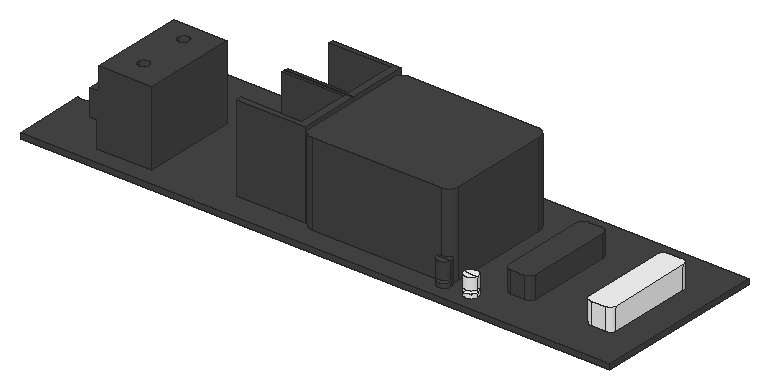
Revit family "CXR", category Communication Devices, host Face, Revit 2014
Parameters
  Warranty = "5-Years Warranty"  # constant formula
  Type Comments = "NX Panel Relay"  # constant formula
  URL = "https://www.hubbell.com/hubbellcontrolsolutions/en"
  Product Page URL = "https://www.hubbell.com/hubbellcontrolsolutions/en/Products/Lighting-Controls/Lighting-Controls-Sensors/CX-Lighting-Control-Panels/CX-Relays/p/220886"
  Product Documentation URL = "https://hubbellcdn.com/specsheet/3302a_cx_relays_specsheet.pdf"
  Operating environment = "Location: interior space\r\nOperating temperature: 0°- 50°C (32° - 112°F)\r\nRelative humidity (non-condensing): 10%-90%"
  Model = "CX Relays"  # constant formula
  Manufacturer = "Hubbell Control Solutions"  # constant formula
  Inrush Withstand = "CXR2N 120/277VAC (50/60Hz)\r\n• CXR3L 120/277/347VAC (50/60Hz)\r\n• CXR3LEM 120/277/347VAC (50/60Hz)\r\n• CXRTN 208/240/480VAC (50/60Hz)\r\n• CXRTC 208/240/480VAC (50/60Hz)\r\n• CX04/CX08; 24VDC, 150mA (max. 300mA)\r\n• CX16/CX24; 24VDC, 150mA (max. 900mA)\r\n• 500A @ 2ms (CXR3LEM only)"  # constant formula
  Features = "Relays are mounted to individual relay cards\r\n• Four types of relays - 20A/1P, N/O and 20A/2P, N/O, N/C (14K SCCR) and\r\n30A 1P latching (18K SCCR)\r\n• Smart Relay card self-identifies type automatically to panel\r\n• Each relay includes 1 programmable input for low voltage switches,\r\nphotocells or motion sensors\r\n• Relay cards include a manual override control button and LED\r\nstatus indication"  # constant formula
  Certification = "This product qualifies as “designated country\r\nconstruction material” per FAR 52.225-11 Buy\r\nAmerican-Construction Materials under Trade\r\nAgreements effective 5/27/2020."  # constant formula
  Blue Element = Metal-Hubbell-Aluminum Anodized Blue
  Black Element = Metal-Hubbell-Nickel
  Description = "CX Relay"  # constant formula
  Default Elevation = 48.00"
  Copyright = "Copyright © 2021 Hubbell Control Solutions"  # constant formula
  Contact Us = "https://www.hubbell.com/hubbellcontrolsolutions/en/contactUs?productId=220947"
  Housing Material = Paint - Hubbell - Matte White
  Assembly Code = "D5090"
Reference planes (in)
  plane 1 "Center (Front/Back)": y = 11.68155
  plane 2: z = 0
  plane 3 "Center (Left/Right)": x = 0
  plane 4: z = 1.38
  plane 5: y = 12.49155
  plane 6: y = 10.87155
  plane 7: x = -2.75
  plane 8: x = 2.75
Forms (in)
  Extrusion 1, solid, material "Metal-Hubbell-Nickel" <- "Black Element"
    sketch origin (0, 0, 0) x (1, 0, 0) y (0, 1, 0)
      loop
        line (-2.75, 12.49155) -> (-2.75, 11.79636)
        arc (-2.75, 11.79636) -> (-2.57828, 11.67136) -> (-2.75, 11.54636) r 0.13135
        line (-2.75, 11.54636) -> (-2.75, 10.87155) -> (2.75, 10.87155) -> (2.75, 12.49155) -> (-2.75, 12.49155)
    from 0.05 to 0
  Extrusion 2, solid, material "Metal-Hubbell-Nickel" <- "Black Element"
    sketch origin (0, 11.68155, 0) x (1, 0, 0) y (0, 0, 1)
      loop
        line (-2.16344, 0.05) -> (-1.65009, 0.05) -> (-1.65009, 0.74723) -> (-2.14545, 0.74723) -> (-2.14545, 0.53769) -> (-2.23417, 0.53769) -> (-2.23417, 0.28769) -> (-2.16344, 0.28769) -> (-2.16344, 0.05)
    from 0.64805 to -0.22759
  Extrusion 3, solid, material "Metal-Hubbell-Nickel" <- "Black Element"
    sketch origin (0.40625, 0, 0) x (1, 0, 0) y (0, 1, 0)
      loop
        arc (-0.59668, 12.21648) -> (-0.66533, 12.18804) -> (-0.69376, 12.11939) r 0.09708
        line (-0.69376, 12.11939) -> (-0.69376, 11.17858)
        arc (-0.69376, 11.17858) -> (-0.66209, 11.10212) -> (-0.58562, 11.07044) r 0.10814
        line (-0.58562, 11.07044) -> (0.61667, 11.07044)
        arc (0.61667, 11.07044) -> (0.67989, 11.09663) -> (0.70607, 11.15985) r 0.08941
        line (0.70607, 11.15985) -> (0.70607, 12.09256)
        arc (0.70607, 12.09256) -> (0.66978, 12.18018) -> (0.58216, 12.21648) r 0.12391
        line (0.58216, 12.21648) -> (-0.59668, 12.21648)
    from 0.82379 to 0
  Extrusion 4, solid, material "Metal-Hubbell-Nickel" <- "Black Element"
    sketch origin (0, 0, 0) x (1, 0, 0) y (0, 1, 0)
      loop
        arc (1.54249, 12.14003) -> (1.49673, 12.12107) -> (1.47778, 12.07531) r 0.06472
        line (1.47778, 12.07531) -> (1.47778, 11.29784)
        arc (1.47778, 11.29784) -> (1.4967, 11.25216) -> (1.54238, 11.23324) r 0.06461
        line (1.54238, 11.23324) -> (1.67263, 11.23324)
        arc (1.67263, 11.23324) -> (1.71162, 11.24939) -> (1.72778, 11.28838) r 0.05514
        line (1.72778, 11.28838) -> (1.72778, 12.06964)
        arc (1.72778, 12.06964) -> (1.70716, 12.11941) -> (1.65739, 12.14003) r 0.07039
        line (1.65739, 12.14003) -> (1.54249, 12.14003)
    from 0.25 to 0
  Extrusion 5, solid, material "Paint - Hubbell - Matte White" <- "Housing Material"
    sketch origin (0.75, 0, 0) x (1, 0, 0) y (0, 1, 0)
      loop
        arc (1.54249, 12.14003) -> (1.49673, 12.12107) -> (1.47778, 12.07531) r 0.06472
        line (1.47778, 12.07531) -> (1.47778, 11.29784)
        arc (1.47778, 11.29784) -> (1.4967, 11.25216) -> (1.54238, 11.23324) r 0.06461
        line (1.54238, 11.23324) -> (1.67263, 11.23324)
        arc (1.67263, 11.23324) -> (1.71162, 11.24939) -> (1.72778, 11.28838) r 0.05514
        line (1.72778, 11.28838) -> (1.72778, 12.06964)
        arc (1.72778, 12.06964) -> (1.70716, 12.11941) -> (1.65739, 12.14003) r 0.07039
        line (1.65739, 12.14003) -> (1.54249, 12.14003)
    from 0.25 to 0
  Revolve 6, solid, material "Metal-Hubbell-Nickel" <- "Black Element"
    sketch origin (0, 11.04803, -0.03828) x (1, 0, 0) y (0, 0, 1)
      loop
        line (1.06807, 0.08828) -> (1.13142, 0.08828) -> (1.13142, 0.1223)
        arc (1.13142, 0.1223) -> (1.11836, 0.13871) -> (1.13142, 0.15512) r 0.01683
        line (1.13142, 0.15512) -> (1.13142, 0.30199) -> (1.06807, 0.30199) -> (1.06807, 0.08828)
      axis (1.06807, 0.30199) -> (1.06807, 0.08828)
    angle from 0 to 360
  Revolve 7, solid, material "Paint - Hubbell - Matte White" <- "Housing Material"
    sketch origin (0.25, 11.04803, -0.03828) x (1, 0, 0) y (0, 0, 1)
      loop
        line (1.06807, 0.08828) -> (1.13142, 0.08828) -> (1.13142, 0.1223)
        arc (1.13142, 0.1223) -> (1.11836, 0.13871) -> (1.13142, 0.15512) r 0.01683
        line (1.13142, 0.15512) -> (1.13142, 0.25723) -> (1.06807, 0.25723) -> (1.06807, 0.08828)
      axis (1.06807, 0.25723) -> (1.06807, 0.08828)
    angle from 0 to 360
  Extrusion 8, void
    sketch origin (0, 0, 0) x (1, 0, 0) y (0, 1, 0)
      loop
        circle (-1.90974, 11.72619) r 0.05245
      loop
        circle (-1.90974, 11.26489) r 0.05245
      loop
        circle (-0.936, 12.00879) r 0.05245
      loop
        circle (-0.936, 11.54749) r 0.05245
    from 0.74723 to 0.53769
  Extrusion 9, solid, material "Metal-Hubbell-Nickel" <- "Black Element"
    sketch origin (0, 0, 0) x (1, 0, 0) y (0, 1, 0)
      loop
        line (-0.28751, 12.2388) -> (-0.92944, 12.2388) -> (-0.92944, 12.19718) -> (-0.35307, 12.19718) -> (-0.35307, 11.7128) -> (-0.92944, 11.7128) -> (-0.92944, 11.68024) -> (-0.28751, 11.68024) -> (-0.28751, 12.2388)
    from 0.85599 to 0
  Extrusion 10, solid, material "Metal-Hubbell-Nickel" <- "Black Element"
    sketch origin (0, 23.36311, 0) x (1, 0, 0) y (0, 1, 0)
      loop
        line (-0.28751, -12.2388) -> (-0.28751, -11.68024) -> (-0.92944, -11.68024) -> (-0.92944, -11.7128) -> (-0.35307, -11.7128) -> (-0.35307, -12.19718) -> (-0.92944, -12.19718) -> (-0.92944, -12.2388) -> (-0.28751, -12.2388)
    from 0.85599 to 0
  Extrusion 11, solid, material "Metal-Hubbell-Nickel" <- "Black Element"
    sketch origin (0, 0, 0) x (1, 0, 0) y (0, 1, 0)
      loop
        line (-0.92944, 12.19718) -> (-0.92944, 11.16593) -> (-0.35307, 11.16593) -> (-0.35307, 12.19718) -> (-0.92944, 12.19718)
    from 0.25 to 0
Cuts and joins
  Extrusion 8 cuts Extrusion 1
  Extrusion 8 cuts Extrusion 2
Dimensions and locks (in)
  plane 4 to plane 2 = 1.38"
  aligned and locked: plane 2 to host face
  aligned and locked: level to host face
  aligned and locked: Extrusion 2 to Extrusion 1
Connectors (in)
  electrical at (-0.91667, 11.67816, 0)
    settings: on cut or joined group of Extrusion 1, Extrusion 8, index 1, voltage 0 V, apparent load 0 VA, apparent load phase1 0 VA, apparent load phase2 0 VA, apparent load phase3 0 VA, power factor 1, load classification "Other", number of poles 1, system type 30, power factor state 1, is connector primary yes, connector utility no, sub classification motor no, connector description ""
